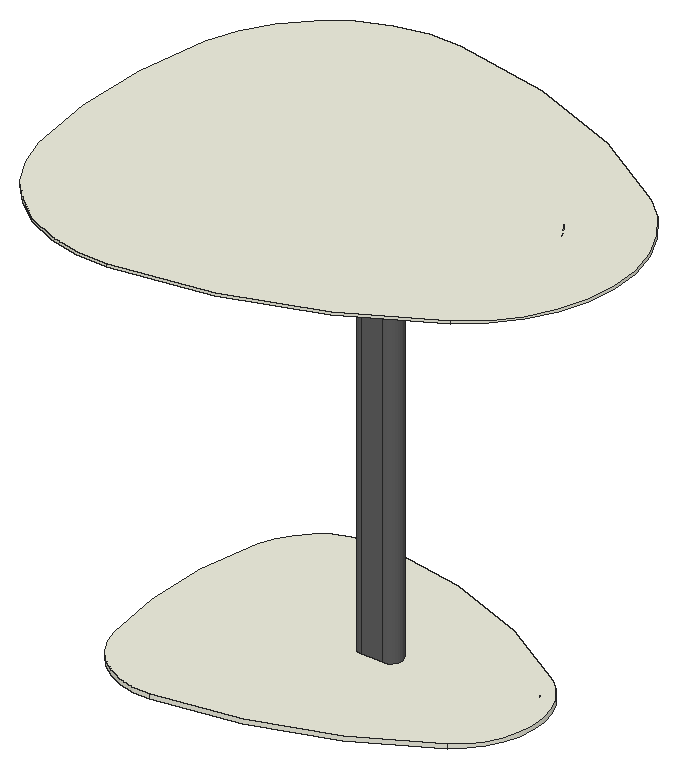
Revit family "Table-Allermuir-SUN102", category Furniture, Revit 2012
Parameters (values of type "SUN102")
  ecoScorecard_data = ""
  ecoScorecard Product Page = ""
  Width = 19 5/64"  # constant formula
  White Plastic Back Membrane = no
  URL = ""
  Table = Metal - Allermuir - Reflective - Ivory
  Subcategory = ""
  Stand = Metal - Allermuir - Flaked Satin - Black
  Stacks = no
  Specifications URL = ""
  Product Page URL = ""
  Product Line = ""
  Pricing URL = ""
  Plugin Data URL = ""
  Model = "SUN102"  # constant formula
  Manufacturer Toll Free Phone = "(888) 887 5806"  # constant formula
  Manufacturer Phone = "(419) 887 5806"  # constant formula
  Manufacturer Fax = "(419) 887 5805"  # constant formula
  Manufacturer Email = "mailto:contact@allermuir-na.com"
  Manufacturer Address = "1630 Holland Road, Maumee, Ohio 43537 "  # constant formula
  Manufacturer = "Allermuir"  # constant formula
  LEED Stats URL = ""
  Height = 15.94488"
  Fabric Spec Sheets = ""
  Description = ""
  Depth = 16 179/256"  # constant formula
  Color Availability = ""
  CAD Blocks URL = ""
  Brochure URL = ""
  Base or Frame [instance] = ""
  Base Type = ""
  Assembly Code = "E2020200"
  95 CSI = "12510"  # constant formula
  04 CSI = "12 51 00"  # constant formula
Reference planes (in)
  plane 1 "Center Front/Back": y = 0
  plane 2: z = 0
  plane 3 "Center Left/Right": x = 0
  plane 4: z = 15.94488
  plane 5: y = 8.34961
  plane 6: y = -8.34961
  plane 7: x = -9.53906
  plane 8: x = 9.53906
Dimensions and locks (in)
  equal spacing: plane 5, plane 1 "Center Front/Back", plane 6
  "Depth": plane 5 to plane 6
  equal spacing: plane 7, plane 3 "Center Left/Right", plane 8
  "Width": plane 7 to plane 8
  "Height": plane 4 to level
  aligned and locked: plane 3 "Center Left/Right" to nested 1
  aligned and locked: plane 1 "Center Front/Back" to nested 1
  aligned and locked: plane 4 to nested 1
Nested families (in)
  nested 1: "SUN2" at (0, 0, 0), type "SUN2"
Definition of nested family "SUN2"
  Parameters (values of type "SUN2")
    Width = 19.07806"
    Table = Metal - Allermuir - Reflective - Ivory
    Stand = Metal - Allermuir - Flaked Satin - Black
    Height = 15.94488"
    Depth = 16.69815"
  Reference planes (in)
    plane 1 "Center (Front/Back)": y = 0
    plane 2: z = 0
    plane 3 "Center (Left/Right)": x = 0
    plane 4: x = 9.53903
    plane 5: x = -9.53903
    plane 6: y = 8.34908
    plane 7: y = -8.34908
    plane 8: z = 15.94488
    plane 9: z = 15.68898
    plane 10: z = 15.84646
    plane 11: z = 0.31496
    plane 12: z = 0.15748
    plane 13: x = -6.75182
    plane 14: y = 0.48715
    plane 15: y = -0.30919
  Forms (in)
    Sweep 1, solid, material "Metal - Allermuir - Reflective - Ivory" <- "Table"
      path origin (0, 0, 0) x (1, 0, 0) y (0, 1, 0)
        loop
          arc (-9.0935, 3.90846) -> (-9.53972, -0.03066) -> (-9.08517, -3.96883) r 17.44692
          arc (-9.08517, -3.96883) -> (-6.85337, -7.32494) -> (-2.9666, -8.39143) r 5.75
          arc (-2.9666, -8.39143) -> (2.29974, -7.21384) -> (7.08778, -4.7247) r 20.85975
          arc (7.08778, -4.7247) -> (9.54031, -0.05477) -> (7.13929, 4.64185) r 5.73245
          arc (7.13929, 4.64185) -> (2.3018, 7.18905) -> (-3.04093, 8.34871) r 20.24137
          arc (-3.04093, 8.34871) -> (-6.89175, 7.25252) -> (-9.0935, 3.90846) r 5.75
      profile origin (-9.53972, -0.03066, 0) x (0.999999, 0.001057, 0) y (0, 0, 1)
        loop
          line (2.7879, 15.84646) -> (2.7879, 15.68898) -> (3.7879, 15.68898) -> (3.7879, 15.94488) -> (0.00069, 15.94488) -> (0.00069, 15.84646) -> (2.7879, 15.84646)
    Sweep 2, solid, material "Metal - Allermuir - Reflective - Ivory" <- "Table"
      path origin (0, 0, 0) x (1, 0, 0) y (0, 1, 0)
        loop
          arc (-6.34726, 2.95713) -> (-6.75607, -0.42264) -> (-6.36718, -3.80475) r 14.52909
          arc (-6.36718, -3.80475) -> (-5.20151, -5.54905) -> (-3.17805, -6.10312) r 3
          arc (-3.17805, -6.10312) -> (1.3796, -5.08893) -> (5.52754, -2.94524) r 18.14452
          arc (5.52754, -2.94524) -> (6.81852, -0.51435) -> (5.58438, 1.94589) r 3
          arc (5.58438, 1.94589) -> (1.34564, 4.19328) -> (-3.35253, 5.16532) r 16.97991
          arc (-3.35253, 5.16532) -> (-5.25144, 4.60579) -> (-6.34726, 2.95713) r 2.89601
      profile origin (-6.75607, -0.42264, 0) x (0.999996, -0.002947, 0) y (0, 0, 1)
        loop
          line (0.00425, 0.15748) -> (0.4767, 0.15748) -> (0.4767, 0) -> (0.65225, 0) -> (0.65225, 0.31496) -> (0.00425, 0.31496) -> (0.00425, 0.15748)
    Sweep 3, solid, material "Metal - Allermuir - Flaked Satin - Black" <- "Stand"
      path origin (0, 0, 0) x (1, 0, 0) y (0, 0, 1)
        loop
          line (-0.23042, 15.68898) -> (-0.23042, 0.31496)
      profile origin (-0.23042, 0, 8.00197) x (0, -1, 0) y (1, 0, 0)
        loop
          arc (-0.48715, 0.39897) -> (-0.08898, 0.0008) -> (0.30919, 0.39897) r 0.39817
          line (0.30919, 0.39897) -> (0.30919, 1.19208)
          arc (0.30919, 1.19208) -> (-0.08898, 1.59024) -> (-0.48715, 1.19208) r 0.39817
          line (-0.48715, 1.19208) -> (-0.48715, 0.39897)
    Extrusion 4, solid, material "Metal - Allermuir - Reflective - Ivory" <- "Table"
      sketch origin (0, 0, 0) x (1, 0, 0) y (0, 1, 0)
        loop
          arc (-3.33713, 4.57241) -> (-4.65117, 4.19835) -> (-5.40248, 3.05724) r 1.9621
          arc (-5.40248, 3.05724) -> (-5.75182, -0.02666) -> (-5.39596, -3.10981) r 13.65902
          arc (-5.39596, -3.10981) -> (-4.63439, -4.25503) -> (-3.30809, -4.61896) r 1.9621
          arc (-3.30809, -4.61896) -> (1.00194, -3.6552) -> (4.92053, -1.61806) r 17.07185
          arc (4.92053, -1.61806) -> (5.75247, -0.03394) -> (4.938, 1.55924) r 1.94455
          arc (4.938, 1.55924) -> (1.00578, 3.62976) -> (-3.33713, 4.57241) r 16.45347
      from 15.68898 to 15.94488
    Extrusion 5, solid, material "Metal - Allermuir - Reflective - Ivory" <- "Table"
      sketch origin (0, 0, 0) x (1, 0, 0) y (0, 1, 0)
        loop
          arc (-3.39312, 4.51433) -> (-4.86435, 4.08082) -> (-5.71336, 2.80348) r 2.24376
          arc (-5.71336, 2.80348) -> (-6.10382, -0.42456) -> (-5.73239, -3.65484) r 13.87684
          arc (-5.73239, -3.65484) -> (-4.82016, -5.0199) -> (-3.23663, -5.45351) r 2.34775
          arc (-3.23663, -5.45351) -> (1.15719, -4.47577) -> (5.15602, -2.40915) r 17.49227
          arc (5.15602, -2.40915) -> (6.16632, -0.50677) -> (5.2005, 1.41857) r 2.34775
          arc (5.2005, 1.41857) -> (1.12458, 3.57963) -> (-3.39312, 4.51433) r 16.32766
      from 0 to 0.31496
  Cuts and joins
    joined: Sweep 1, Sweep 2, Extrusion 4, Extrusion 5
  Lines and regions (in)
    symbolic lines, style "Table"
      curve 1: arc (7.13889, 4.64129, 0) -> (2.30156, 7.1884, 0) -> (-3.04099, 8.34802, 0) r 20.24068
      curve 2: arc (-3.04099, 8.34802, 0) -> (-6.89134, 7.25197, 0) -> (-9.09282, 3.90831, 0) r 5.74931
      curve 3: arc (-9.09282, 3.90831, 0) -> (-9.53903, -0.03066, 0) -> (-9.0845, -3.96868, 0) r 17.44623
      curve 4: arc (-2.96666, -8.39075, 0) -> (2.29951, -7.21319, 0) -> (7.08739, -4.72413, 0) r 20.85906
      curve 5: arc (7.08739, -4.72413, 0) -> (9.53962, -0.05477, 0) -> (7.13889, 4.64129, 0) r 5.73176
      curve 6: arc (-9.0845, -3.96868, 0) -> (-6.85296, -7.32438, 0) -> (-2.96666, -8.39075, 0) r 5.74931
  Dimensions and locks (in)
    equal spacing: plane 5, plane 3 "Center (Left/Right)", plane 4
    "Width": plane 5 to plane 4
    equal spacing: plane 6, plane 1 "Center (Front/Back)", plane 7
    "Depth": plane 6 to plane 7
    "Height": plane 8 to level
    locked: plane 8 to plane 10 at 0.09842
    locked: plane 10 to plane 9 at 0.15748
    locked: plane 11 to plane 12 at 0.15748
    locked: plane 12 to level at 0.15748
    locked: plane 14 to plane 15 at 0.79633
    aligned and locked: level to plane 2
    aligned and locked: Sweep 2 sketch curve to plane 12
    aligned and locked: Sweep 2 sketch curve to plane 11
    aligned and locked: plane 11 to Sweep 3 sketch curve
    aligned and locked: plane 9 to Sweep 3 sketch curve
    aligned and locked: plane 14 to Sweep 3 sketch curve
    aligned and locked: plane 15 to Sweep 3 sketch curve
    aligned and locked: Sweep 1 sketch curve to plane 8
    aligned and locked: Sweep 1 sketch curve to plane 10
    aligned and locked: Sweep 1 sketch curve to plane 9
    aligned and locked: Extrusion 4 sketch curve to cut or joined group of Sweep 1, Sweep 2, Extrusion 4, Extrusion 5  (x6)
    aligned and locked: plane 8 to Extrusion 4
    aligned and locked: Extrusion 4 to plane 9
    aligned and locked: profile plane to Sweep 2 sketch curve
    aligned and locked: Extrusion 5 sketch curve to cut or joined group of Sweep 1, Sweep 2, Extrusion 4, Extrusion 5  (x6)
    aligned and locked: plane 11 to Extrusion 5
    aligned and locked: Extrusion 5 to level
  Automatic sketch dimensions
    plane 5 to Sweep 1 sketch curve = 0.44553"
    Sweep 1 sketch curve to Sweep 1 sketch curve = 0"  (x5)
    plane 5 to Sweep 1 sketch curve = 0.45386"
    Sweep 1 sketch curve to plane 1 "Center (Front/Back)" = 2.61632"
    Sweep 1 sketch curve to plane 3 "Center (Left/Right)" = 3.49056"
    Sweep 1 sketch curve to plane 6 = 0.00037"
    Sweep 1 sketch curve to plane 3 "Center (Left/Right)" = 3.04093"
    plane 7 to Sweep 1 sketch curve = 0.04236"
    Sweep 1 sketch curve to plane 3 "Center (Left/Right)" = 2.9666"
    plane 1 "Center (Front/Back)" to Sweep 1 sketch curve = 0.02325"
    Sweep 2 sketch curve to Sweep 2 sketch curve = 0"  (x5)
    Sweep 2 sketch curve to Sweep 2 sketch curve = 2.81451"
    Sweep 2 sketch curve to Sweep 2 sketch curve = 2.91969"
    Sweep 2 sketch curve to Sweep 2 sketch curve = 0.18021"
    Sweep 2 sketch curve to plane 7 = 2.24595"
    Sweep 2 sketch curve to Sweep 2 sketch curve = 0.26944"
    plane 1 "Center (Front/Back)" to Sweep 2 sketch curve = 0.47949"
    plane 1 "Center (Front/Back)" to Sweep 2 sketch curve = 2.94524"
    Sweep 2 sketch curve to plane 1 "Center (Front/Back)" = 1.94589"
    Sweep 2 sketch curve to profile plane = 0.00425"
    Sweep 2 sketch curve to Sweep 2 sketch curve = 0.47245"
    Sweep 2 sketch curve to Sweep 2 sketch curve = 0.17555"
    Sweep 3 sketch curve to Sweep 3 sketch curve = 0"  (x2)
    Sweep 3 sketch curve to Sweep 3 sketch curve = 0.79311"
    Sweep 3 sketch curve to profile plane = 0.39897"
    Sweep 1 sketch curve to profile plane = 2.7879"
    Sweep 1 sketch curve to Sweep 1 sketch curve = 1"
    Sweep 1 sketch curve to profile plane = 0.00069"
    plane 6 to Sweep 1 sketch curve = 4.0343"
    plane 7 to Sweep 1 sketch curve = 3.4816"
    Sweep 2 sketch curve to plane 3 "Center (Left/Right)" = 3.17805"
    Sweep 2 sketch curve to plane 3 "Center (Left/Right)" = 3.35253"
    Sweep 2 sketch curve to Sweep 2 sketch curve = 1.23112"
    Sweep 2 sketch curve to Sweep 2 sketch curve = 1.45514"
    Sweep 1 sketch curve to Sweep 1 sketch curve = 1.80623"
    Sweep 3 sketch curve to plane 3 "Center (Left/Right)" = 0.23042"
    plane 3 "Center (Left/Right)" to Sweep 1 sketch curve = 3.80795"
    plane 3 "Center (Left/Right)" to Sweep 2 sketch curve = 3.81873"
    plane 5 to curve 2 = 0.44621"
    curve 1 to plane 3 "Center (Left/Right)" = 4.62374"
    curve 2 to plane 3 "Center (Left/Right)" = 3.49056"
    curve 2 to plane 6 = 0.00105"
    curve 2 to plane 3 "Center (Left/Right)" = 3.04099"
    curve 1 to curve 2 = 0"
    plane 4 to curve 1 = 2.40014"
    curve 1 to plane 1 "Center (Front/Back)" = 4.64129"
    curve 3 to curve 2 = 0"
    plane 5 to curve 3 = 0.45453"
    plane 1 "Center (Front/Back)" to curve 3 = 0.01222"
    curve 4 to curve 1 = 1.80618"
    plane 7 to curve 4 = 0.04167"
    curve 4 to plane 3 "Center (Left/Right)" = 2.96666"
    plane 1 "Center (Front/Back)" to curve 5 = 0.02325"
    plane 1 "Center (Front/Back)" to curve 4 = 4.72413"
    curve 5 to curve 4 = 0"
    curve 6 to curve 3 = 0"
